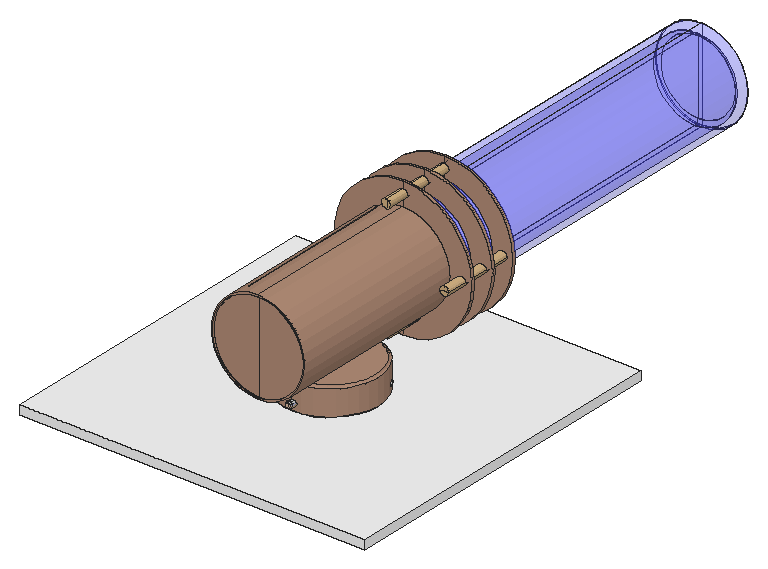
Revit family "BE_31095_de_DE", category Leuchten, Revit 2020
Family settings
  Basisbauteil = Fläche
  Bemaßung runder Anschluss = Durchmesser verwenden
  Teiletyp = Normal
  Beim Laden mit Abzugskörper schneiden = Ja
  Lichtquelle = Ja
  Gemeinsam genutzt = Nein
  Raumberechnungspunkt = Ja
Parameters (values of type "BEGA_31095_K3")
  built-in parameter 1150104 = 19.212 (stored number, unit not read)
  Wattage = 13.3 W
  Default Elevation = 0 mm
  built-in parameter 1150113 = 1 (stored number, unit not read)
  built-in parameter 1114218 = 1 (stored number, unit not read)
  Umgebungstemperatur = "25 °C"
  URL = "https://www.bega.com/de/produkt/31095"
  Typenkommentare = "© 2022 BEGA. Wir behalten uns das Recht vor, technische Änderungen ohne vorherige Ankündigung vorzunehmen."  # constant formula
  built-in parameter 1150134 = (empty or 0)
  built-in parameter 1150109 = 1 (stored number, unit not read)
  Strom = ""
  built-in parameter 1150110 = 1 (stored number, unit not read)
  Spannung = 239.996 V
  Sonderanfertigung = no
  Seriennummer [instance] = "Hier können Sie die eindeutige Seriennummer für das Facility Management eintragen."
  Schutzklasse = "I"
  Schutzart = "IP 44"
  Scheinlast = 0 VA
  Produktdatenblatt = "https://cdn.bega.com/bega/products/31095K3/current/documents/data-sheets/de"
  Oberflächentemperatur = ""
  Neigungswinkel = 0.00°
  Modell = "31095K3"
  Material_31 = BEGA_Oberfläche_Messing_matt
  Material_28 = BEGA_Oberfläche_Kupfer_gefaerbt_matt
  Material_18 = BEGA_Gummi_schwarz
  Material_17 = BEGA_Reflektor
  Material_15 = BEGA_Leuchtmedium_matt
  Material_11 = BEGA_Glas_opal
  Material_09 = BEGA_Glas_klar
  Material_06 = BEGA_Oberfläche_Edelstahl_gebürstet
  Material_03 = BEGA_Oberfläche_Weiss_matt
  Material_02 = BEGA_Oberfläche_Silber_matt
  Material_01 [instance] = BEGA_Oberfläche_Grafit_matt
  M_W = no
  M_G = no
  M_A = no
  Logo = 0
  built-in parameter 1114217 = 1 (stored number, unit not read)
  built-in parameter 1150139 = (empty or 0)
  built-in parameter 1150105 = 218.87 (stored number, unit not read)
  built-in parameter 1150114 = 1 (stored number, unit not read)
  Lumens = 2750.44 lm
  built-in parameter 1150115 = 1 (stored number, unit not read)
  Leuchtenlichtstrom = "1992 lm"
  Leuchtenanzahl = ""
  Lebensdauerkriterien = "L70B50 @ 25 °C = 200000 h"
  Lastklassifizierung = Beleuchtung
  built-in parameter 1150112 = 1 (stored number, unit not read)
  Lampenlichtstrom = "2750 lm"
  Lampe = "LED 13.3 W"
  LED_Modulbezeichnung = "LED-0904/830"
  built-in parameter 1150142 = (empty or 0)
  Hersteller = "BEGA"  # constant formula
  Halbstreuwinkel = ""
  Gewicht = "5.6 kg"
  Gebrauchslageneinschränkung [instance] = ""
  Frequenz = "0/50-60 Hz"
  Farbwiedergabeindex = "CRI > 80"
  Farbtemperaturverschiebung bei Dämpfen der Lampe = <Keine Auswahl>
  Farbtemperatur = "3000 K"
  Color Filter = 16777215
  built-in parameter 1150133 = 10 (stored number, unit not read)
  Energieeffizienzklasse = "LED A++ - A"
  built-in parameter 1150137 = (empty or 0)
  built-in parameter 1150132 = (empty or 0)
  ENEC = "ja"
  Datei für fotometrisches Netz = "BE_31095K3.IES"
  CE_Konformität = "ja"
  Bestellnummer = "31095K3"
  Beschreibung_Sonderanfertigung = "Hier können Sie Informationen zur Sonderanfertigung eintragen."
  Beschreibung = "Wandleuchte"
  built-in parameter 1150106 = 2.1887 (stored number, unit not read)
  Befestigungsbohrung = "Ø 5,5 mm"
  Befestigungsabstand = "70 mm"
  Ballwurfsicher = ""
  BEGA_Intern_aus = yes
  BEGA_Intern_an = yes
  BEGA_Intern_Konstruktion = yes
  BEGA_Intern = yes
  BEGA_IES = yes
  BEGA_Dummy = no
  Anschlussleitung = ""
  Anschlussleistung [instance] = "15.6 W"
  built-in parameter 1150107 = 3000 (stored number, unit not read)
  built-in parameter 1150102 = (empty or 0)
  built-in parameter 1150138 = (empty or 0)
  Aktualisierung = "2022-05-18T04:00:07"
  Abstand_zur_angestrahlten_Fläche [instance] = ""
  AC/DC = "AC/DC"
Reference planes
  plane 1 "Mitte (Vorne/Hinten)": y = 0
  plane 2: z = 0
  plane 3 "Mitte (Links/Rechts)": x = 0
  plane 4 "Links": x = -80
  plane 5 "Rechts": x = 80
  plane 6 "Unten": y = -105
  plane 7 "Oben": y = 539.649
  plane 8 "Vorne": z = 168.75
  plane 9 "Hinten": z = 0
Forms (mm)
  Extrusion 1, solid, material "BEGA_Platte_Weiss"
    sketch origin (0, -1119.2, 0) x (1, 0, 0) y (0, 1, 0)
      loop
        line (-200, 1319.2) -> (-200, 919.2) -> (200, 919.2) -> (200, 1319.2) -> (-200, 1319.2)
    from 0 to -10
  Extrusion 2, solid, material "BEGA_Dummy_matt", visible <- "BEGA_Dummy"
    sketch origin (80.095, -76.023, 0) x (1, 0, 0) y (0, 1, 0)
      loop
        line (-160.095, 615.672) -> (-160.095, -28.977) -> (-0.095, -28.977) -> (-0.095, 615.672) -> (-160.095, 615.672)
    from 0 to 168.75
Dimensions and locks
  plane 1 "Mitte (Vorne/Hinten)" to Extrusion 1 = 200 mm
  aligned and locked: plane 2 to Extrusion 1
  aligned and locked: level to Extrusion 1
Nested families
  nested 1: "BE_31095" at (0, 0, 0), type "BE_31095"
Connectors
  electrical at (0, 0, 0), driven by "Lastklassifizierung", driven by "Spannung", driven by "Scheinlast"
    settings: index 1, voltage 239.996 V, apparent load 0 VA, apparent load phase1 0 VA, apparent load phase2 0 VA, apparent load phase3 0 VA, power factor 1, load classification "Beleuchtung", number of poles 1, system type 31, power factor state 1, is connector primary yes, connector utility no, sub classification motor no, connector description ""
Definition of nested family "BE_31095"
  Parameters (values of type "BE_31095")
    Default Elevation = 1 mm
    URL = "http://www.bega.de/de/produkt"
    Type Comments = "© 2015 BEGA. Wir behalten uns das Recht vor, technische Änderungen ohne vorherige Ankündigung vorzunehmen. "  # constant formula
    Type Image = (empty or 0)
    Neigungswinkel_um_Z2 = 0.00°
    Neigungswinkel_um_Z1 = 0.00°
    Neigungswinkel_um_Y2 = 0.00°
    Neigungswinkel_um_Y1 = 0.00°
    Neigungswinkel_um_X2 = 0.00°
    Neigungswinkel_um_X1 = 0.00°
    Material_31 = none
    Material_28 = none
    Material_18 = none
    Material_17 = none
    Material_15 = none
    Material_11 = none
    Material_09 = none
    Material_06 = none
    Material_05 = none
    Material_03 = none
    Material_02 = none
    Material_01 = none
    M_W = yes
    M_G = yes
    M_A = yes
    Länge_Platte = 200 mm  # constant formula
    Höhe_Platte = -10 mm  # constant formula
    Manufacturer = "BEGA"  # constant formula
    Drehwinkel_um_Z2 = 0.00°
    Drehwinkel_um_Z1 = 0.00°
    Breite_Platte = 200 mm  # constant formula
  Reference planes
    plane 1 "Mitte (Oben/Unten)": y = 0
    plane 2: z = 0
    plane 3 "Mitte (Links/Rechts)": x = 0
    plane 4: z = 0
    plane 5: y = 539.649
    plane 6: z = 168.75
    plane 7: y = -105
    plane 8: x = -80
    plane 9: x = 80
  Forms (mm)
    Extrusion 1, solid, detail levels medium
      sketch origin (0, 0, 0) x (1, 0, 0) y (0, 1, 0)
        loop
          line (-100, 100) -> (-100, -100) -> (100, -100) -> (100, 100) -> (-100, 100)
      from 0 to -10 <- "Höhe_Platte"
    Revolve 2, solid, material <- "Material_06", detail levels fine
      sketch origin (0, 0, 0) x (0, 1, 0) y (0, 0, 1)
        loop
          line (-61.353, 8.747) -> (-51.992, 8.747) -> (-51.992, 12.7) -> (-59.353, 12.7) -> (-59.353, 11.75) -> (-61.353, 11.75) -> (-61.353, 8.747)
        axis (-51.992, 8.747) -> (-61.353, 8.747)
      angle from 0 to 360
    Revolve 3, solid, material <- "Material_06", detail levels medium+fine
      sketch origin (0, 0, 0) x (0, 1, 0) y (0, 0, 1)
        loop
          line (0, 2.75) -> (41.5, 2.75) -> (43.511, 0.538)
          arc (43.511, 0.538) -> (44.027, 0.141) -> (44.662, 0) r 1.5
          line (44.662, 0) -> (54.75, 0) -> (54.75, 1.25) -> (44.7, 1.25) -> (42.7, 3.495)
          arc (42.7, 3.495) -> (42.193, 3.868) -> (41.577, 4) r 1.5
          line (41.577, 4) -> (0, 4) -> (0, 2.75)
        axis (0, 4) -> (0, 0)
      angle from 0 to 360
    Extrusion 4, void
      sketch origin (0, 0, 0) x (1, 0, 0) y (0, 1, 0)
        loop
          circle (0, 0) r 8.5
        loop
          circle (35, 0) r 2.75
        loop
          circle (-35, 0) r 2.75
      from 1.889 to 4.816
    Revolve 5, solid, material <- "Material_28", detail levels medium+fine
      sketch origin (0, 0, 0) x (0, 1, 0) y (0, 0, 1)
        loop
          line (105.713, 34.75) -> (105.713, 36.75) -> (-101, 36.75) -> (-101, 88.75) -> (-104, 88.75) -> (-104, 36.25) -> (-105, 36.25) -> (-105, 34.75) -> (105.713, 34.75)
        axis (105.713, 88.75) -> (-105, 88.75)
      angle from 0 to 360
    Revolve 6, solid, material <- "Material_11", detail levels medium+fine
      sketch origin (0, 0, 0) x (0, 1, 0) y (0, 0, 1)
        loop
          arc (539.649, 141.75) -> (539.356, 142.457) -> (538.649, 142.75) r 1
          line (538.649, 142.75) -> (111.649, 142.75)
          arc (111.649, 142.75) -> (110.235, 142.164) -> (109.649, 140.75) r 2
          line (109.649, 140.75) -> (109.649, 136.75) -> (84.149, 134.75) -> (84.149, 128.75) -> (111.755, 128.75)
          arc (111.755, 128.75) -> (114.515, 129.958) -> (115.649, 132.749) r 4
          line (115.649, 132.749) -> (115.649, 134.75)
          arc (115.649, 134.75) -> (116.235, 136.164) -> (117.649, 136.75) r 2
          line (117.649, 136.75) -> (528.649, 136.748)
          arc (528.649, 136.748) -> (532.185, 135.283) -> (533.649, 131.748) r 5
          line (533.649, 131.748) -> (533.649, 88.75) -> (539.649, 88.75) -> (539.649, 141.75)
        axis (539.649, 88.75) -> (84.149, 88.75)
      angle from 0 to 360
    Extrusion 7, solid, material <- "Material_18", detail levels medium+fine
      sketch origin (0, 0, 0) x (0, 1, 0) y (0, 0, 1)
        loop
          line (-19.509, 34.818) -> (-19.509, 33.75) -> (19.5, 33.75) -> (19.5, 34.818) -> (-19.509, 34.818)
      from -7 to 7
    Revolve 8, solid, material <- "Material_28", detail levels medium+fine
      sketch origin (0, 0, 0) x (0, 1, 0) y (0, 0, 1)
        loop
          line (164.8, 168.75) -> (164.8, 144.75) -> (167.8, 144.75) -> (167.8, 168.75) -> (164.8, 168.75)
        loop
          line (134.8, 168.75) -> (134.8, 144.75) -> (137.8, 144.75) -> (137.8, 168.75) -> (134.8, 168.75)
        axis (167.8, 88.75) -> (134.8, 88.75)
      angle from 0 to 360
    Revolve 9, solid, material <- "Material_28", detail levels medium+fine
      sketch origin (0, 0, 0) x (0, 1, 0) y (0, 0, 1)
        loop
          line (105, 168.75) -> (105, 138.673) -> (107.8, 138.673) -> (107.8, 168.75) -> (105, 168.75)
        axis (107.8, 88.75) -> (105, 88.75)
      angle from 0 to 360
    Revolve 10, solid, material <- "Material_31", detail levels medium+fine
      sketch origin (0, 0, 79.635) x (0, 0, -1) y (0, 1, 0)
        loop
          line (-79.386, 164.8) -> (-81.615, 164.8) -> (-81.615, 81) -> (-76.615, 81) -> (-76.615, 170.3)
          arc (-76.615, 170.3) -> (-79.189, 169.633) -> (-81.115, 167.8) r 5.3
          line (-81.115, 167.8) -> (-79.386, 167.8) -> (-79.386, 164.8)
        axis (-76.615, 170.3) -> (-76.615, 81)
      angle from 0 to 360
    Revolve 11, solid, material <- "Material_28", detail levels medium+fine
      sketch origin (0, 0, 0) x (0, 1, 0) y (0, 0, 1)
        loop
          line (55.5, 1.25) -> (55.5, 30.292)
          arc (55.5, 30.292) -> (53.879, 31.129) -> (53.042, 32.75) r 3
          line (53.042, 32.75) -> (0, 32.75) -> (0, 29.75) -> (50.5, 29.75) -> (53.5, 26.75) -> (53.5, 1.25) -> (55.5, 1.25)
        axis (0, 32.75) -> (0, 1.25)
      angle from 0 to 360
    Extrusion 12, solid, material <- "Material_28", detail levels medium+fine
      sketch origin (0, 0, 0) x (1, 0, 0) y (0, 0, 1)
        loop
          arc (9.5, 34.818) -> (0, 33.673) -> (-9.5, 34.818) r 40
          line (-9.5, 34.818) -> (-9.5, 32.25) -> (9.5, 32.25) -> (9.5, 34.818)
      from -22.901 to 22.875
    Revolve 13, solid, material <- "Material_06", detail levels fine
      sketch origin (0, 0, 10) x (1, 0, 0) y (0, 1, 0)
        loop
          line (-48.878, 28.22) -> (-48.06, 27.748)
          arc (-48.06, 27.748) -> (-47.404, 28.846) -> (-46.717, 29.925) r 45.5
          arc (-46.717, 29.925) -> (-47.146, 30.41) -> (-47.743, 30.158) r 0.555
          line (-47.743, 30.158) -> (-48.878, 28.22)
        axis (-48.878, 28.22) -> (-47.996, 27.711)
      angle from 0 to 360
    Revolve 14, solid, material <- "Material_06", detail levels fine
      sketch origin (0, 0, 10) x (-1, 0, 0) y (0, -1, 0)
        loop
          line (-48.878, -28.22) -> (-47.743, -30.158)
          arc (-47.743, -30.158) -> (-47.146, -30.41) -> (-46.717, -29.925) r 0.555
          arc (-46.717, -29.925) -> (-47.404, -28.846) -> (-48.06, -27.748) r 45.5
          line (-48.06, -27.748) -> (-48.878, -28.22)
        axis (-48.878, -28.22) -> (-47.996, -27.711)
      angle from 0 to 360
    Revolve 15, solid, material <- "Material_31", detail levels medium+fine
      sketch origin (-9.115, 0, 88.75) x (-1, 0, 0) y (0, 1, 0)
        loop
          line (-79.386, 164.8) -> (-81.615, 164.8) -> (-81.615, 81) -> (-76.615, 81) -> (-76.615, 170.3)
          arc (-76.615, 170.3) -> (-79.189, 169.633) -> (-81.115, 167.8) r 5.3
          line (-81.115, 167.8) -> (-79.386, 167.8) -> (-79.386, 164.8)
        axis (-76.615, 170.3) -> (-76.615, 81)
      angle from 0 to 360
    Revolve 16, solid, material <- "Material_31", detail levels medium+fine
      sketch origin (9.115, 0, 88.75) x (1, 0, 0) y (0, 1, 0)
        loop
          line (-79.386, 164.8) -> (-81.615, 164.8) -> (-81.615, 81) -> (-76.615, 81) -> (-76.615, 170.3)
          arc (-76.615, 170.3) -> (-79.189, 169.633) -> (-81.115, 167.8) r 5.3
          line (-81.115, 167.8) -> (-79.386, 167.8) -> (-79.386, 164.8)
        axis (-76.615, 170.3) -> (-76.615, 81)
      angle from 0 to 360
    Revolve 17, solid, material <- "Material_31", detail levels medium+fine
      sketch origin (0, 0, 97.865) x (0, 0, 1) y (0, 1, 0)
        loop
          line (-79.386, 164.8) -> (-81.615, 164.8) -> (-81.615, 81) -> (-76.615, 81) -> (-76.615, 170.3)
          arc (-76.615, 170.3) -> (-79.189, 169.633) -> (-81.115, 167.8) r 5.3
          line (-81.115, 167.8) -> (-79.386, 167.8) -> (-79.386, 164.8)
        axis (-76.615, 170.3) -> (-76.615, 81)
      angle from 0 to 360
  Cuts and joins
    Extrusion 4 cuts Revolve 3
  Dimensions and locks
    equal spacing: Extrusion 1 sketch curve, plane 3 "Mitte (Links/Rechts)", Extrusion 1 sketch curve
    equal spacing: Extrusion 1 sketch curve, plane 1 "Mitte (Oben/Unten)", Extrusion 1 sketch curve
    "Länge_Platte": Extrusion 1 sketch curve to Extrusion 1 sketch curve
    "Breite_Platte": Extrusion 1 sketch curve to Extrusion 1 sketch curve
    aligned and locked: Extrusion 1 to plane 2
    aligned and locked: level to Extrusion 1
  Automatic sketch dimensions
    Revolve 2 sketch curve to Revolve 2 sketch curve = 2 mm  (x2)
    Revolve 2 sketch curve to Revolve 2 sketch curve = 7.361 mm
    level to Revolve 2 sketch curve = 8.747 mm
    Revolve 2 sketch curve to Revolve 2 sketch curve = 3.003 mm
    Revolve 2 sketch curve to Revolve 2 sketch curve = 0.95 mm
    Revolve 2 sketch curve to Revolve 2 sketch curve = 0 mm  (x2)
    Revolve 3 sketch curve to plane 1 "Mitte (Oben/Unten)" = 0 mm  (x2)
    level to Revolve 3 sketch curve = 2.75 mm
    Revolve 3 sketch curve to Revolve 3 sketch curve = 41.5 mm
    Revolve 3 sketch curve to Revolve 3 sketch curve = 0.077 mm
    level to Revolve 3 sketch curve = 3.495 mm
    Revolve 3 sketch curve to Revolve 3 sketch curve = 1.122 mm
    level to Revolve 3 sketch curve = 0.538 mm
    Revolve 3 sketch curve to Revolve 3 sketch curve = 1.934 mm
    Revolve 3 sketch curve to Revolve 3 sketch curve = 1.151 mm
    level to Revolve 3 sketch curve = 1.25 mm
    Revolve 3 sketch curve to Revolve 3 sketch curve = 0.038 mm
    Revolve 3 sketch curve to level = 0 mm
    Revolve 3 sketch curve to Revolve 3 sketch curve = 10.088 mm
    Revolve 3 sketch curve to Revolve 3 sketch curve = 0.25 mm
    Revolve 3 sketch curve to level = 3.15 mm
    Revolve 3 sketch curve to Revolve 3 sketch curve = 0 mm
    plane 1 "Mitte (Oben/Unten)" to Extrusion 4 sketch curve = 0 mm
    Extrusion 4 sketch curve to plane 3 "Mitte (Links/Rechts)" = 0 mm
    Extrusion 4 sketch curve to plane 1 "Mitte (Oben/Unten)" = 0 mm  (x2)
    plane 1 "Mitte (Oben/Unten)" to Extrusion 7 sketch curve = 19.509 mm
    Extrusion 7 sketch curve to plane 1 "Mitte (Oben/Unten)" = 19.5 mm
    level to Extrusion 7 sketch curve = 33.75 mm
    Extrusion 7 sketch curve to Extrusion 7 sketch curve = 1.068 mm
    Revolve 11 sketch curve to plane 1 "Mitte (Oben/Unten)" = 0 mm  (x2)
    Revolve 11 sketch curve to plane 1 "Mitte (Oben/Unten)" = 50.5 mm
    Revolve 11 sketch curve to Revolve 11 sketch curve = 2.542 mm
    level to Revolve 11 sketch curve = 1.25 mm
    Revolve 11 sketch curve to Revolve 11 sketch curve = 3 mm  (x3)
    Revolve 11 sketch curve to Revolve 11 sketch curve = 2.458 mm
    Revolve 11 sketch curve to Revolve 11 sketch curve = 2.958 mm
    Revolve 11 sketch curve to Revolve 11 sketch curve = 25.5 mm
    Revolve 11 sketch curve to Revolve 11 sketch curve = 3.542 mm
    Revolve 11 sketch curve to Revolve 11 sketch curve = 7.5 mm
    Revolve 11 sketch curve to Revolve 11 sketch curve = 0.5 mm
    Extrusion 12 sketch curve to plane 3 "Mitte (Links/Rechts)" = 0 mm
    Extrusion 12 sketch curve to plane 3 "Mitte (Links/Rechts)" = 9.5 mm
    plane 3 "Mitte (Links/Rechts)" to Extrusion 12 sketch curve = 9.5 mm
    level to Extrusion 12 sketch curve = 32.25 mm
    Extrusion 12 sketch curve to Extrusion 12 sketch curve = 2.568 mm
    Extrusion 12 sketch curve to Extrusion 12 sketch curve = 38.856 mm
    Revolve 13 sketch curve to Revolve 13 sketch curve = 0.818 mm
    Revolve 13 sketch curve to Revolve 13 sketch curve = 1.136 mm
    Revolve 13 sketch curve to Revolve 13 sketch curve = 0.473 mm
    Revolve 13 sketch curve to plane 1 "Mitte (Oben/Unten)" = 4.96 mm
    Revolve 13 sketch curve to plane 3 "Mitte (Links/Rechts)" = 8.678 mm
    Revolve 13 sketch curve to plane 1 "Mitte (Oben/Unten)" = 27.748 mm
    Revolve 13 sketch curve to Revolve 13 sketch curve = 0.472 mm
    Revolve 13 sketch curve to Revolve 13 sketch curve = 2.121 mm
    Revolve 13 sketch curve to Revolve 13 sketch curve = 0.29 mm
    Revolve 13 sketch curve to Revolve 13 sketch curve = 0 mm  (x2)
    Revolve 13 sketch curve to Revolve 13 sketch curve = 0.73 mm
    Revolve 13 sketch curve to Revolve 13 sketch curve = 0.421 mm
    Revolve 14 sketch curve to Revolve 14 sketch curve = 0.818 mm
    Revolve 14 sketch curve to Revolve 14 sketch curve = 1.136 mm
    Revolve 14 sketch curve to Revolve 14 sketch curve = 0.473 mm
    Revolve 14 sketch curve to plane 1 "Mitte (Oben/Unten)" = 4.96 mm
    plane 3 "Mitte (Links/Rechts)" to Revolve 14 sketch curve = 8.678 mm
    Revolve 14 sketch curve to plane 1 "Mitte (Oben/Unten)" = 27.748 mm
    Revolve 14 sketch curve to Revolve 14 sketch curve = 0.472 mm
    Revolve 14 sketch curve to Revolve 14 sketch curve = 2.121 mm
    Revolve 14 sketch curve to Revolve 14 sketch curve = 0.29 mm
    Revolve 14 sketch curve to Revolve 14 sketch curve = 0 mm  (x2)
    Revolve 14 sketch curve to Revolve 14 sketch curve = 0.73 mm
    Revolve 14 sketch curve to Revolve 14 sketch curve = 0.421 mm
    Revolve 5 sketch curve to Revolve 5 sketch curve = 1 mm
    Revolve 5 sketch curve to Revolve 5 sketch curve = 3 mm
    level to Revolve 5 sketch curve = 34.75 mm
    Revolve 5 sketch curve to plane 1 "Mitte (Oben/Unten)" = 105.713 mm
    Revolve 5 sketch curve to Revolve 5 sketch curve = 1.5 mm
    Revolve 5 sketch curve to Revolve 5 sketch curve = 2 mm
    Revolve 5 sketch curve to Revolve 5 sketch curve = 55.92 mm
    Revolve 5 sketch curve to Revolve 5 sketch curve = 0 mm
    Revolve 9 sketch curve to plane 1 "Mitte (Oben/Unten)" = 105 mm
    Revolve 9 sketch curve to Revolve 9 sketch curve = 2.8 mm
    Revolve 9 sketch curve to Revolve 9 sketch curve = 30.077 mm
    Revolve 9 sketch curve to Revolve 9 sketch curve = 12.1 mm
    Revolve 9 sketch curve to Revolve 9 sketch curve = 20 mm
    Revolve 8 sketch curve to plane 1 "Mitte (Oben/Unten)" = 134.8 mm
    Revolve 8 sketch curve to Revolve 8 sketch curve = 3 mm  (x2)
    Revolve 8 sketch curve to Revolve 8 sketch curve = 27 mm
    Revolve 8 sketch curve to Revolve 8 sketch curve = 24 mm  (x2)
    Revolve 8 sketch curve to plane 1 "Mitte (Oben/Unten)" = 47.5 mm
    Revolve 8 sketch curve to Revolve 8 sketch curve = 9.7 mm
    Revolve 5 sketch curve to Revolve 5 sketch curve = 52 mm
    level to Revolve 8 sketch curve = 144.75 mm
    Revolve 8 sketch curve to Revolve 8 sketch curve = 0 mm
    Revolve 8 sketch curve to Revolve 8 sketch curve = 56 mm
    level to Revolve 9 sketch curve = 138.673 mm
    Revolve 9 sketch curve to Revolve 9 sketch curve = 49.923 mm
    Revolve 6 sketch curve to plane 1 "Mitte (Oben/Unten)" = 117.649 mm
    Revolve 6 sketch curve to Revolve 6 sketch curve = 2 mm  (x2)
    Revolve 6 sketch curve to Revolve 6 sketch curve = 3.894 mm
    Revolve 6 sketch curve to Revolve 6 sketch curve = 4 mm  (x3)
    Revolve 6 sketch curve to Revolve 6 sketch curve = 27.606 mm
    Revolve 6 sketch curve to Revolve 6 sketch curve = 5 mm  (x2)
    Revolve 6 sketch curve to Revolve 6 sketch curve = 1 mm
    level to Revolve 6 sketch curve = 88.75 mm
    level to Revolve 6 sketch curve = 128.75 mm
    Revolve 6 sketch curve to Revolve 6 sketch curve = 42.998 mm
    Revolve 6 sketch curve to Revolve 6 sketch curve = 2.001 mm
    Revolve 6 sketch curve to Revolve 6 sketch curve = 8.001 mm
    Revolve 6 sketch curve to Revolve 6 sketch curve = 10.002 mm
    Revolve 6 sketch curve to Revolve 6 sketch curve = 0 mm  (x12)
    Revolve 6 sketch curve to Revolve 6 sketch curve = 6 mm
    Revolve 6 sketch curve to Revolve 6 sketch curve = 0.002 mm
    Revolve 10 sketch curve to Revolve 10 sketch curve = 0.5 mm
    Revolve 10 sketch curve to Revolve 10 sketch curve = 1.729 mm
    Revolve 10 sketch curve to Revolve 10 sketch curve = 2.771 mm  (x2)
    Revolve 10 sketch curve to Revolve 10 sketch curve = 0.2 mm
    Revolve 10 sketch curve to Revolve 10 sketch curve = 3 mm
    Revolve 10 sketch curve to Revolve 10 sketch curve = 21.141 mm
    Revolve 10 sketch curve to Revolve 10 sketch curve = 12.929 mm
    Revolve 10 sketch curve to Revolve 10 sketch curve = 83.8 mm
    Revolve 15 sketch curve to Revolve 15 sketch curve = 0.5 mm
    Revolve 15 sketch curve to Revolve 15 sketch curve = 1.729 mm
    Revolve 15 sketch curve to Revolve 15 sketch curve = 2.771 mm  (x2)
    Revolve 15 sketch curve to Revolve 15 sketch curve = 0.2 mm
    Revolve 15 sketch curve to Revolve 15 sketch curve = 3 mm
    Revolve 15 sketch curve to Revolve 15 sketch curve = 21.141 mm
    Revolve 15 sketch curve to Revolve 15 sketch curve = 12.929 mm
    Revolve 15 sketch curve to Revolve 15 sketch curve = 83.8 mm
    Revolve 16 sketch curve to Revolve 16 sketch curve = 0.5 mm
    Revolve 16 sketch curve to Revolve 16 sketch curve = 1.729 mm
    Revolve 16 sketch curve to Revolve 16 sketch curve = 2.771 mm  (x2)
    Revolve 16 sketch curve to Revolve 16 sketch curve = 0.2 mm
    Revolve 16 sketch curve to Revolve 16 sketch curve = 3 mm
    Revolve 16 sketch curve to Revolve 16 sketch curve = 21.141 mm
    Revolve 16 sketch curve to Revolve 16 sketch curve = 12.929 mm
    Revolve 16 sketch curve to Revolve 16 sketch curve = 83.8 mm
    Revolve 17 sketch curve to Revolve 17 sketch curve = 0.5 mm
    Revolve 17 sketch curve to Revolve 17 sketch curve = 1.729 mm
    Revolve 17 sketch curve to Revolve 17 sketch curve = 2.771 mm  (x2)
    Revolve 17 sketch curve to Revolve 17 sketch curve = 0.2 mm
    Revolve 17 sketch curve to Revolve 17 sketch curve = 3 mm
    Revolve 17 sketch curve to Revolve 17 sketch curve = 21.141 mm
    Revolve 17 sketch curve to Revolve 17 sketch curve = 12.929 mm
    Revolve 17 sketch curve to Revolve 17 sketch curve = 83.8 mm
    Revolve 10 sketch curve to plane 1 "Mitte (Oben/Unten)" = 164.8 mm
    Revolve 15 sketch curve to plane 1 "Mitte (Oben/Unten)" = 164.8 mm
    Revolve 16 sketch curve to plane 1 "Mitte (Oben/Unten)" = 164.8 mm
    Revolve 17 sketch curve to plane 1 "Mitte (Oben/Unten)" = 164.8 mm
    Revolve 6 sketch curve to plane 5 = 0 mm
    Revolve 6 sketch curve to plane 7 = 2 mm
    Revolve 6 sketch curve to Revolve 6 sketch curve = 1.955 mm
    plane 6 to Revolve 6 sketch curve = 80 mm
    plane 7 to Revolve 2 sketch curve = 43.647 mm
    Revolve 5 sketch curve to plane 7 = 0 mm
    Revolve 5 sketch curve to Revolve 5 sketch curve = 22.833 mm
    plane 3 "Mitte (Links/Rechts)" to Extrusion 4 sketch curve = 35 mm
    Revolve 14 sketch curve to Revolve 14 sketch curve = 38.591 mm
    Extrusion 4 sketch curve to plane 3 "Mitte (Links/Rechts)" = 35 mm
    Revolve 13 sketch curve to Revolve 13 sketch curve = 38.591 mm
    radius of Extrusion 4 sketch curve = 8.5 mm
    radius of Extrusion 4 sketch curve = 2.75 mm  (x2)
